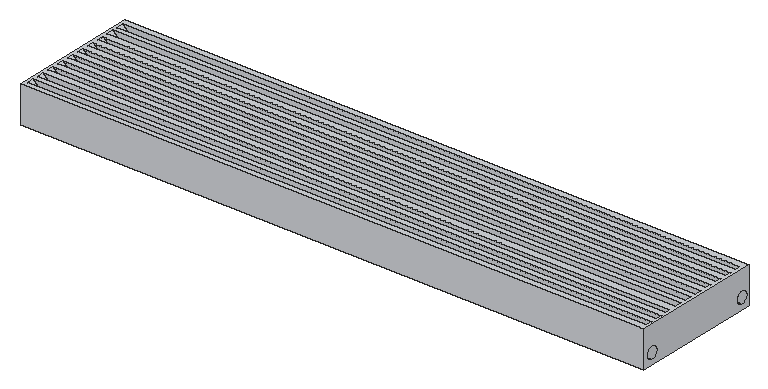
Revit family "SL11", category Mechanical Equipment, Revit 2017
Family settings
  Round Connector Dimension = Use Diameter
  Part Type = Normal
  OmniClass Number = 23.75.00.00
  OmniClass Title = Climate Control (HVAC)
  Work Plane-Based = No
  Always vertical = Yes
  Cut with Voids When Loaded = No
  Shared = No
  Room Calculation Point = No
Parameters
  Width = 251 mm
  Length = 1200 mm
  Height = 200 mm
Reference planes
  plane 1 "Center (Front/Back)": y = 0
  plane 2: z = 0
  plane 3 "Center (Left/Right)": x = 0
  plane 4: x = 0
  plane 5: x = -600
  plane 6: x = 600
  plane 7: x = -595
  plane 8: x = -580
  plane 9: x = 595
  plane 10: x = 580
  plane 11: x = 597
  plane 12: x = -597
  plane 13: z = 270
  plane 14: z = 255
  plane 15: z = 215
  plane 16: z = 200
  plane 17: y = -3
  plane 18: y = -251
  plane 19: y = -248
  plane 20: y = -233
  plane 21: y = -18
  plane 22: x = -530
  plane 23: x = 530
  plane 24: x = -533
  plane 25: x = 533
  plane 26 "Center": y = -125.5
Forms (mm)
  Extrusion 1, solid
    sketch origin (0, 0, 0) x (1, 0, 0) y (0, 0, 1)
      loop
        line (-600, 270) -> (-600, 200) -> (-595, 200) -> (-580, 215) -> (-580, 255) -> (-595, 270) -> (-600, 270)
      loop
        line (600, 270) -> (595, 270) -> (580, 255) -> (580, 215) -> (595, 200) -> (600, 200) -> (600, 270)
    from 0 to 251
  Extrusion 2, solid
    sketch origin (0, 0, 0) x (1, 0, 0) y (0, 1, 0)
      loop
        line (-595, 0) -> (-595, -11) -> (595, -11) -> (595, 0) -> (-595, 0)
    from 200 to 270
  Extrusion 3, solid
    sketch origin (0, -24, 0) x (1, 0, 0) y (0, 1, 0)
      loop
        line (-595, 0) -> (-595, -11) -> (595, -11) -> (595, 0) -> (-595, 0)
    from 200 to 270
  Extrusion 4, solid
    sketch origin (0, -48, 0) x (1, 0, 0) y (0, 1, 0)
      loop
        line (-595, 0) -> (-595, -11) -> (595, -11) -> (595, 0) -> (-595, 0)
    from 200 to 270
  Extrusion 5, solid
    sketch origin (0, -72, 0) x (1, 0, 0) y (0, 1, 0)
      loop
        line (-595, 0) -> (-595, -11) -> (595, -11) -> (595, 0) -> (-595, 0)
    from 200 to 270
  Extrusion 6, solid
    sketch origin (0, -96, 0) x (1, 0, 0) y (0, 1, 0)
      loop
        line (-595, 0) -> (-595, -11) -> (595, -11) -> (595, 0) -> (-595, 0)
    from 200 to 270
  Extrusion 7, solid
    sketch origin (0, -120, 0) x (1, 0, 0) y (0, 1, 0)
      loop
        line (-595, 0) -> (-595, -11) -> (595, -11) -> (595, 0) -> (-595, 0)
    from 200 to 270
  Extrusion 8, solid
    sketch origin (0, -144, 0) x (1, 0, 0) y (0, 1, 0)
      loop
        line (-595, 0) -> (-595, -11) -> (595, -11) -> (595, 0) -> (-595, 0)
    from 200 to 270
  Extrusion 9, solid
    sketch origin (0, -168, 0) x (1, 0, 0) y (0, 1, 0)
      loop
        line (-595, 0) -> (-595, -11) -> (595, -11) -> (595, 0) -> (-595, 0)
    from 200 to 270
  Extrusion 10, solid
    sketch origin (0, -192, 0) x (1, 0, 0) y (0, 1, 0)
      loop
        line (-595, 0) -> (-595, -11) -> (595, -11) -> (595, 0) -> (-595, 0)
    from 200 to 270
  Extrusion 11, solid
    sketch origin (0, -216, 0) x (1, 0, 0) y (0, 1, 0)
      loop
        line (-595, 0) -> (-595, -11) -> (595, -11) -> (595, 0) -> (-595, 0)
    from 200 to 270
  Extrusion 12, solid
    sketch origin (0, -240, 0) x (1, 0, 0) y (0, 1, 0)
      loop
        line (-595, 0) -> (-595, -11) -> (595, -11) -> (595, 0) -> (-595, 0)
    from 200 to 270
  Extrusion 13, solid
    sketch origin (0, 0, 0) x (0, 1, 0) y (0, 0, 1)
      loop
        circle (-17.5, 222) r 10.5
      loop
        circle (-233.5, 222) r 10.5
    from -600 to -602
  Extrusion 14, solid
    sketch origin (0, 0, 0) x (0, 1, 0) y (0, 0, -1)
      loop
        circle (-17.5, -222) r 10.5
      loop
        circle (-233.5, -222) r 10.5
    from -600 to -602
Cuts and joins
  joined: Extrusion 1, Extrusion 2, Extrusion 3, Extrusion 4, Extrusion 5, Extrusion 6, Extrusion 7, Extrusion 8, Extrusion 9, Extrusion 10, Extrusion 11, Extrusion 12
Dimensions and locks
  equal spacing: plane 5, plane 4, plane 6
  "Length": plane 5 to plane 6
  locked: plane 7 to plane 8 at 15
  locked: plane 5 to plane 7 at 5
  locked: plane 9 to plane 10 at 15
  locked: plane 6 to plane 9 at 5
  locked: plane 11 to plane 6 at 3
  locked: plane 5 to plane 12 at 3
  "Height": plane 16 to level
  locked: plane 13 to plane 14 at 15
  locked: plane 13 to plane 16 at 70
  locked: plane 15 to plane 16 at 15
  "Width": plane 18 to plane 1 "Center (Front/Back)"
  locked: plane 23 to plane 6 at 70
  locked: plane 17 to plane 1 "Center (Front/Back)" at 3
  locked: plane 19 to plane 18 at 3
  locked: plane 21 to plane 1 "Center (Front/Back)" at 18
  locked: plane 20 to plane 18 at 18
  locked: plane 24 to plane 22 at 3
  locked: plane 23 to plane 25 at 3
  Extrusion 2 sketch curve to Extrusion 2 sketch curve = 11 mm
  Extrusion 3 sketch curve to Extrusion 3 sketch curve = 11 mm
  Extrusion 4 sketch curve to Extrusion 4 sketch curve = 11 mm
  Extrusion 5 sketch curve to Extrusion 5 sketch curve = 11 mm
  Extrusion 6 sketch curve to Extrusion 6 sketch curve = 11 mm
  Extrusion 7 sketch curve to Extrusion 7 sketch curve = 11 mm
  Extrusion 8 sketch curve to Extrusion 8 sketch curve = 11 mm
  Extrusion 9 sketch curve to Extrusion 9 sketch curve = 11 mm
  Extrusion 10 sketch curve to Extrusion 10 sketch curve = 11 mm
  Extrusion 11 sketch curve to Extrusion 11 sketch curve = 11 mm
  Extrusion 12 sketch curve to Extrusion 12 sketch curve = 11 mm
  locked: plane 5 to plane 22 at 70
  equal spacing: plane 18, plane 26 "Center", plane 1 "Center (Front/Back)"
  locked: Extrusion 2 to Extrusion 2 at 11
  locked: Extrusion 3 to Extrusion 2 at 13
  plane 21 to Extrusion 3 to Extrusion 3 = 6 mm locked, 11 mm locked
  locked: Extrusion 4 to Extrusion 3 at 13
  locked: Extrusion 4 to Extrusion 4 at 11
  locked: Extrusion 5 to Extrusion 4 at 13
  locked: Extrusion 5 to Extrusion 5 at 11
  locked: Extrusion 6 to Extrusion 5 at 13
  locked: Extrusion 6 to Extrusion 6 at 11
  locked: Extrusion 7 to Extrusion 6 at 13
  locked: Extrusion 7 to Extrusion 7 at 11
  locked: Extrusion 8 to Extrusion 7 at 13
  locked: Extrusion 8 to Extrusion 8 at 11
  locked: Extrusion 9 to Extrusion 8 at 13
  locked: Extrusion 9 to Extrusion 9 at 11
  locked: Extrusion 10 to Extrusion 9 at 13
  locked: Extrusion 10 to Extrusion 10 at 11
  locked: Extrusion 11 to Extrusion 10 at 13
  locked: Extrusion 11 to Extrusion 11 at 11
  locked: Extrusion 12 to Extrusion 11 at 13
  locked: Extrusion 12 to Extrusion 12 at 11
  locked: plane 1 "Center (Front/Back)" to Extrusion 13 sketch curve at 17.5
  Extrusion 13 sketch curve to plane 16 = 22 mm
  locked: Extrusion 13 sketch curve to plane 18 at 17.5
  locked: Extrusion 13 sketch curve to plane 16 at 22
  locked: plane 5 to Extrusion 13 at 2
  locked: plane 6 to Extrusion 14 at 2
  aligned and locked: level to plane 2
  aligned and locked: plane 5 to Extrusion 1 sketch curve
  aligned and locked: Extrusion 1 sketch curve to plane 8
  aligned and locked: plane 16 to Extrusion 1 sketch curve
  aligned and locked: Extrusion 1 sketch curve to plane 13
  aligned and locked: Extrusion 1 sketch curve to plane 6
  aligned and locked: plane 13 to Extrusion 1 sketch curve
  aligned and locked: plane 10 to Extrusion 1 sketch curve
  aligned and locked: Extrusion 1 sketch curve to plane 16
  aligned and locked: plane 13 to Extrusion 2
  aligned and locked: Extrusion 2 to plane 16
  aligned and locked: Extrusion 12 to plane 9
  aligned and locked: Extrusion 11 to plane 9
  aligned and locked: Extrusion 10 to plane 9
  aligned and locked: Extrusion 9 to plane 9
  aligned and locked: Extrusion 8 to plane 9
  aligned and locked: Extrusion 7 to plane 9
  aligned and locked: Extrusion 6 to plane 9
  aligned and locked: Extrusion 5 to plane 9
  aligned and locked: Extrusion 4 to plane 9
  aligned and locked: Extrusion 3 to plane 9
  aligned and locked: Extrusion 2 to plane 9
  aligned and locked: plane 13 to Extrusion 12
  aligned and locked: plane 13 to Extrusion 11
  aligned and locked: plane 13 to Extrusion 10
  aligned and locked: plane 13 to Extrusion 9
  aligned and locked: plane 13 to Extrusion 8
  aligned and locked: plane 13 to Extrusion 7
  aligned and locked: plane 13 to Extrusion 6
  aligned and locked: plane 13 to Extrusion 5
  aligned and locked: plane 13 to Extrusion 4
  aligned and locked: plane 13 to Extrusion 3
  aligned and locked: Extrusion 12 to plane 16
  aligned and locked: Extrusion 11 to plane 16
  aligned and locked: Extrusion 10 to plane 16
  aligned and locked: Extrusion 9 to plane 16
  aligned and locked: Extrusion 8 to plane 16
  aligned and locked: Extrusion 7 to plane 16
  aligned and locked: Extrusion 6 to plane 16
  aligned and locked: Extrusion 5 to plane 16
  aligned and locked: Extrusion 4 to plane 16
  aligned and locked: Extrusion 3 to plane 16
  aligned and locked: Extrusion 1 to plane 18
  aligned and locked: plane 6 to Extrusion 14
  aligned and locked: plane 5 to Extrusion 13
Automatic sketch dimensions
  Extrusion 1 sketch curve to plane 7 = 0 mm  (x2)
  plane 9 to Extrusion 1 sketch curve = 0 mm  (x2)
  Extrusion 1 sketch curve to plane 15 = 0 mm  (x2)
  Extrusion 1 sketch curve to plane 14 = 0 mm  (x2)
  plane 1 "Center (Front/Back)" to Extrusion 2 sketch curve = 0 mm
  Extrusion 2 sketch curve to plane 7 = 0 mm
  Extrusion 2 sketch curve to plane 9 = 0 mm
  Extrusion 3 sketch curve to plane 7 = 0 mm
  Extrusion 3 sketch curve to plane 9 = 0 mm
  Extrusion 3 sketch curve to plane 21 = 17 mm
  Extrusion 4 sketch curve to plane 7 = 0 mm
  Extrusion 4 sketch curve to plane 9 = 0 mm
  Extrusion 4 sketch curve to plane 21 = 41 mm
  Extrusion 5 sketch curve to plane 7 = 0 mm
  Extrusion 5 sketch curve to plane 9 = 0 mm
  Extrusion 5 sketch curve to plane 21 = 65 mm
  Extrusion 6 sketch curve to plane 7 = 0 mm
  Extrusion 6 sketch curve to plane 9 = 0 mm
  plane 26 "Center" to Extrusion 6 sketch curve = 18.5 mm
  Extrusion 7 sketch curve to plane 7 = 0 mm
  Extrusion 7 sketch curve to plane 9 = 0 mm
  Extrusion 7 sketch curve to plane 26 "Center" = 5.5 mm
  Extrusion 8 sketch curve to plane 7 = 0 mm
  Extrusion 8 sketch curve to plane 9 = 0 mm
  Extrusion 8 sketch curve to plane 26 "Center" = 29.5 mm
  Extrusion 9 sketch curve to plane 7 = 0 mm
  Extrusion 9 sketch curve to plane 9 = 0 mm
  Extrusion 9 sketch curve to plane 26 "Center" = 53.5 mm
  Extrusion 10 sketch curve to plane 7 = 0 mm
  Extrusion 10 sketch curve to plane 9 = 0 mm
  Extrusion 10 sketch curve to plane 26 "Center" = 77.5 mm
  Extrusion 11 sketch curve to plane 7 = 0 mm
  Extrusion 11 sketch curve to plane 9 = 0 mm
  Extrusion 11 sketch curve to plane 26 "Center" = 101.5 mm
  Extrusion 12 sketch curve to plane 7 = 0 mm
  Extrusion 12 sketch curve to plane 9 = 0 mm
  Extrusion 12 sketch curve to plane 20 = 18 mm
  Extrusion 14 sketch curve to plane 20 = 0.5 mm
  plane 21 to Extrusion 14 sketch curve = 0.5 mm
  Extrusion 14 sketch curve to plane 15 = 7 mm  (x2)
  radius of Extrusion 13 sketch curve = 10.5 mm  (x2)
  radius of Extrusion 14 sketch curve = 10.5 mm  (x2)
